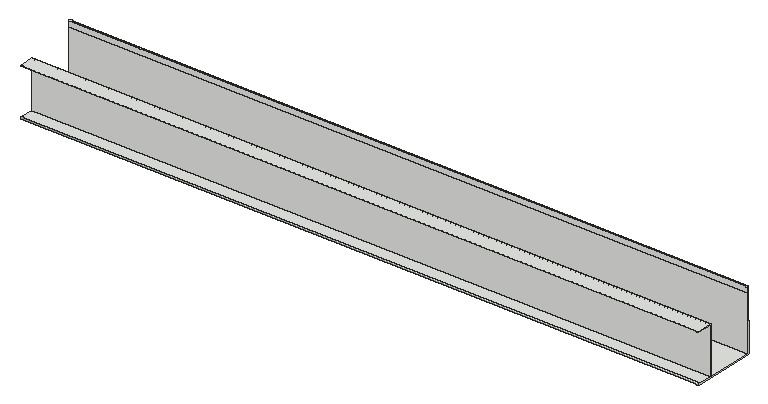
Revit family "PR4080", category Mechanical Equipment, Revit 2018
Family settings
  Round Connector Dimension = Use Diameter
  Part Type = Normal
  OmniClass Number = 23.75.00.00
  OmniClass Title = Climate Control (HVAC)
  Work Plane-Based = No
  Always vertical = Yes
  Cut with Voids When Loaded = No
  Shared = No
  Room Calculation Point = No
Parameters (values of type "ISOLAMIN PR4080 flashing")
  URL = "http://www.isolamin.se/"
  Thickness = "0.7 mm (Different thicknesses are available on request) \r\n0.7 mm (Different thicknesses are available on request) \r\n0.7 mm (Different thicknesses are available on request)"
  Profile Length = 1180 mm
  Model = "PR4080"
  Material = "Galvanized Steel"
  Manufacturer = "ISOLAMIN AB"
  Edition = "1.0 (2018)"
Reference planes
  plane 1 "Center (Front/Back)": y = 0
  plane 2: z = 0
  plane 3 "Center (Left/Right)": x = 0
  plane 4: y = -1284.913
  plane 5: x = 1180
Forms (mm)
  Extrusion 1, solid, material "ISOLAMIN Surface Profile Material"
    sketch origin (0, 0, 0) x (0, 1, 0) y (0, 0, 1)
      loop
        line (-107, 83) -> (-107, 82) -> (-82, 82) -> (-82, 2) -> (-106, 2)
        arc (-106, 2) -> (-107, 1) -> (-106, 0) r 1
        line (-106, 0) -> (-1, 0)
        arc (-1, 0) -> (-0.293, 0.293) -> (0, 1) r 1
        line (0, 1) -> (0, 106.256)
        arc (0, 106.256) -> (-1, 107) -> (-2, 106.256) r 1.044
        line (-2, 106.256) -> (-2, 97.7) -> (-1, 97.7) -> (-1, 1) -> (-81, 1) -> (-81, 83) -> (-107, 83)
    from 0 to 1180
Dimensions and locks
  "Profile Length": plane 3 "Center (Left/Right)" to plane 5
  aligned and locked: level to plane 2
  aligned and locked: plane 5 to Extrusion 1
Automatic sketch dimensions
  Extrusion 1 sketch curve to level = 0 mm
  Extrusion 1 sketch curve to plane 1 "Center (Front/Back)" = 0 mm
  plane 1 "Center (Front/Back)" to Extrusion 1 sketch curve = 1 mm  (x3)
  Extrusion 1 sketch curve to Extrusion 1 sketch curve = 1 mm  (x3)
  level to Extrusion 1 sketch curve = 1 mm
  Extrusion 1 sketch curve to Extrusion 1 sketch curve = 80 mm  (x2)
  level to Extrusion 1 sketch curve = 2 mm
  Extrusion 1 sketch curve to Extrusion 1 sketch curve = 24 mm
  Extrusion 1 sketch curve to Extrusion 1 sketch curve = 25 mm
  Extrusion 1 sketch curve to Extrusion 1 sketch curve = 14.7 mm
  Extrusion 1 sketch curve to Extrusion 1 sketch curve = 8.256 mm
  Extrusion 1 sketch curve to Extrusion 1 sketch curve = 0.3 mm
